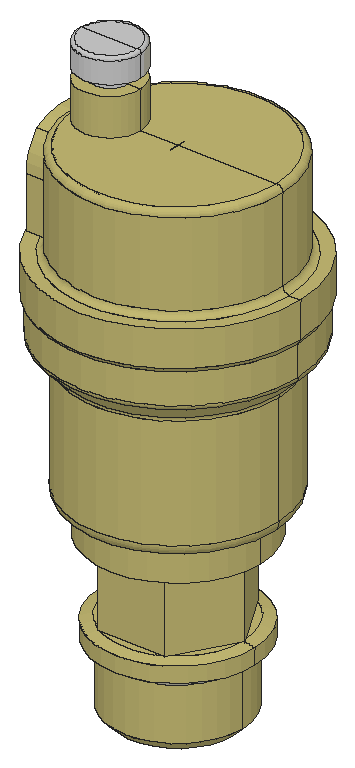
Revit family "РИДАН_Airvent_R_Воздухоотводчик", category Арматура трубопроводов, Revit 2019
Family settings
  Размер круглого соединителя = Использовать диаметр
  Тип детали = Нормальный
  На основе рабочей плоскости = Нет
  Всегда вертикально = Да
  При загрузке вырезать с полостями = Нет
  Общий = Нет
Parameters (values of type "065B8322R С обратным клапаном")
  УГО_Длина = 0 mm
  Обратный клапан = yes
  Контакты_Производитель = "info@ridan.ru"  # constant formula
  a = 18.7 mm
  URL = "https://ridan.ru/"
  ADSK_Наименование = "Автоматический воздухоотводчик Airvent-R с обратным клапаном PN10, Tmax=110C"
  ADSK_Масса_Текст = ""
  ADSK_Масса = 0.21
  ADSK_Марка = "Airvent-R"  # constant formula
  ADSK_Количество = 1  # constant formula
  ADSK_Код изделия = "065B8322R"
  ADSK_Завод-изготовитель = "ООО «Ридан-Трейд»"  # constant formula
  ADSK_Единица измерения = "шт."
  ADSK_Диаметр условный = 15 mm
  ADSK_Версия семейства = "1.0"  # constant formula
  ADSK_Версия Revit = "2019"  # constant formula
Types (3, lengths in mm): name | Обратный клапан | a | ADSK_Наименование
  (no name) | yes | 18.7 | "Автоматический воздухоотводчик Airvent-R с обратным клапаном PN10, Tmax=110C"
  065B8322R С обратным клапаном | yes | 18.7 | "Автоматический воздухоотводчик Airvent-R с обратным клапаном PN10, Tmax=110C"
  065B8323R Без обратного клапана | no | 0 | "Автоматический воздухоотводчик Airvent-R без обратного клапана PN10, Tmax=110C"
Reference planes
  plane 1 "По центру (Вперед/Назад)": y = 0
  plane 2: z = 0
  plane 3 "По центру (Влево/Вправо)": x = 0
  plane 4: z = 18.7
Forms (mm)
  Extrusion 1, solid, material "Белый", detail levels coarse+medium
    sketch origin (-57.966, 0, 0) x (1, 0, 0) y (0, 0, 1)
      loop
        line (49.839, 48.3) -> (49.839, 12.586) -> (66.093, 12.586) -> (66.093, 48.3) -> (49.839, 48.3)
    from -0.5 to 0.5
  Extrusion 2, solid, material "Белый", detail levels coarse+medium
    sketch origin (-57.966, 0, 0) x (1, 0, 0) y (0, 0, 1)
      loop
        line (57.966, 75.476) -> (49.839, 63.807) -> (66.093, 63.807) -> (57.966, 75.476)
    from -0.5 to 0.5
Lines and regions (mm)
  model lines, detail levels coarse+medium
    curve 1: line (0, 0, 12.586) -> (0, 0, 0)
    curve 2: line (0, 0, 48.3) -> (0, 0, 63.807)
Dimensions and locks
  "a": plane 4 to plane 2
  aligned and locked: level to plane 2
  aligned and locked: nested 2 to plane 4
Automatic sketch dimensions
  curve 1 to level = 0 mm
  curve 1 to plane 3 "По центру (Влево/Вправо)" = 0 mm
  curve 2 to curve 1 = 0 mm
  curve 1 to curve 1 = 12.586 mm
  curve 1 to curve 2 = 35.714 mm
  curve 2 to curve 2 = 15.507 mm
  level to Extrusion 1 sketch curve = 12.586 mm
  Extrusion 1 sketch curve to plane 3 "По центру (Влево/Вправо)" = 8.127 mm
  Extrusion 1 sketch curve to Extrusion 1 sketch curve = 16.254 mm
  Extrusion 1 sketch curve to Extrusion 1 sketch curve = 35.714 mm
  Extrusion 2 sketch curve to plane 3 "По центру (Влево/Вправо)" = 8.127 mm
  Extrusion 2 sketch curve to Extrusion 2 sketch curve = 8.127 mm  (x2)
  level to Extrusion 2 sketch curve = 63.807 mm
  Extrusion 2 sketch curve to Extrusion 2 sketch curve = 11.669 mm
Nested families
  nested 1: "Обратный клапан для Airvent-R" at (0, 0, 18.7), visible <- "Обратный клапан", type "Обратный клапан для Airvent-R", detail levels fine
  nested 2: "Воздухоотводчик Airvent-R" at (0, 0, 18.7), type "Воздухоотводчик Airvent-R", detail levels fine
Connectors
  piping at (0, 0, 0), diameter 15, driven by "ADSK_Диаметр условный"
    settings: on plane 2, index 1, connector inside diameter 609.6 mm, connector length 0 mm, flow factor 0, pipe flow 0.0000 m³/h, pressure drop 0.0 Pa, fitting loss kfactor 0, connector angle 0.00°, fixture units 0, engagement length 0 mm, angle of deflection 0.00°, flow configuration 0, flow direction 0, fitting loss method 0, system type 29, joint type 0, gender type 0, connector reference index -1, connector utility 0, adjustable connector no, is connector primary yes, connector description ""
Definition of nested family "Обратный клапан для Airvent-R"
  Reference planes
    plane 1 "По центру (Вперед/Назад)": y = 0
    plane 2: z = 0
    plane 3 "По центру (Влево/Вправо)": x = 0
    plane 4: z = -4.8
    plane 5: z = 7.8
    plane 6: z = -4.326
  Forms (mm)
    Revolve 1, solid
      sketch origin (0, 0, 0) x (1, 0, 0) y (0, 0, 1)
        loop
          line (-10.732, -4.326) -> (-12.5, -4.8) -> (-12.5, -7.3) -> (-10.858, -7.3) -> (-9.101, -7.3) -> (-9.101, -8.613) -> (-10.506, -8.613) -> (-10.506, -17.172) -> (-8.977, -18.7) -> (0, -18.7) -> (0, -4.326) -> (-10.732, -4.326)
        axis (0, -4.326) -> (0, -18.7)
      angle from 0 to 360
    Extrusion 2, solid
      sketch origin (0, 0, 0) x (1, 0, 0) y (0, 1, 0)
        loop
          line (10.858, 0) -> (5.429, 9.403) -> (-5.429, 9.403) -> (-10.858, 0) -> (-5.429, -9.403) -> (5.429, -9.403) -> (10.858, 0)
      from -4.8 to 7.8
    Revolve 3, solid
      sketch origin (0, 0, 0) x (1, 0, 0) y (0, 0, 1)
        loop
          arc (-10.893, -7.3) -> (-10.851, -8.274) -> (-10, -8.75) r 1
          line (-10, -8.75) -> (-6.875, -8.75) -> (-6.875, -7.3) -> (-10.893, -7.3)
        axis (0, -7.3) -> (0, -8.75)
      angle from 0 to 360
  Dimensions and locks
    aligned and locked: level to plane 2
Definition of nested family "Воздухоотводчик Airvent-R"
  Reference planes
    plane 1 "По центру (Вперед/Назад)": y = 0
    plane 2: z = 0
    plane 3 "По центру (Влево/Вправо)": x = 0
    plane 4: x = -11
  Forms (mm)
    Revolve 1, solid
      sketch origin (0, 0, 0) x (1, 0, 0) y (0, 0, 1)
        loop
          arc (17, 62.8) -> (16.707, 63.507) -> (16, 63.8) r 1
          line (16, 63.8) -> (0, 63.8) -> (0, 0) -> (9.301, 0) -> (9.301, 7.3)
          arc (9.301, 7.3) -> (9.448, 7.654) -> (9.801, 7.8) r 0.5
          line (9.801, 7.8) -> (13.5, 7.8) -> (13.5, 12.586) -> (14.3, 12.8)
          arc (14.3, 12.8) -> (15.714, 13.386) -> (16.3, 14.8) r 2
          line (16.3, 14.8) -> (16.3, 32.886)
          arc (16.3, 32.886) -> (16.376, 33.268) -> (16.593, 33.593) r 1
          line (16.593, 33.593) -> (19.207, 36.207)
          arc (19.207, 36.207) -> (19.424, 36.532) -> (19.5, 36.914) r 1
          line (19.5, 36.914) -> (19.5, 41.875) -> (20, 42.589) -> (20, 48.3) -> (18, 48.3)
          arc (18, 48.3) -> (17.293, 48.593) -> (17, 49.3) r 1
          line (17, 49.3) -> (17, 62.8)
        axis (0, 63.8) -> (0, 0)
      angle from 0 to 360
    Extrusion 2, solid
      sketch origin (0, 0, 0) x (0, 1, 0) y (0, 0, 1)
        loop
          arc (7.792, 56.55) -> (7.246, 59.643) -> (5.676, 62.363) r 9.043
          arc (5.676, 62.363) -> (0, 63.807) -> (-5.676, 62.363) r 11.878
          arc (-5.676, 62.363) -> (-7.246, 59.643) -> (-7.792, 56.55) r 9.043
          line (-7.792, 56.55) -> (-7.792, 48.3) -> (7.792, 48.3) -> (7.792, 56.55)
        loop
          line (4.237, 51.323) -> (4.237, 59.154) -> (-4.705, 59.154) -> (-4.705, 51.323) -> (4.237, 51.323)
      from -18.303 to 0
    Extrusion 3, solid
      sketch origin (0, 0, 0) x (0, 1, 0) y (0, 0, 1)
        loop
          circle (0, 55.3) r 6.5
      from -18.783 to 0
    Extrusion 4, void
      sketch origin (0, 0, 0) x (0, 1, 0) y (0, 0, 1)
        loop
          line (-3.464, 55.3) -> (-1.732, 52.3) -> (1.732, 52.3) -> (3.464, 55.3) -> (1.732, 58.3) -> (-1.732, 58.3) -> (-3.464, 55.3)
      from -18.783 to -18.002
    Revolve 5, solid
      sketch origin (0, 0, 0) x (1, 0, 0) y (0, 0, 1)
        loop
          line (-11, 69.8) -> (-11, 63.8) -> (-5.997, 63.8) -> (-5.997, 69.8) -> (-11, 69.8)
        axis (-11, 69.8) -> (-11, 63.8)
      angle from 0 to 360
    Revolve 6, solid
      sketch origin (0, 0, 0) x (1, 0, 0) y (0, 0, 1)
        loop
          line (-11, 75.45) -> (-11, 69.8) -> (-8.111, 69.8) -> (-8.111, 71.45) -> (-6.005, 71.45) -> (-6.005, 74.931)
          arc (-6.005, 74.931) -> (-6.157, 75.298) -> (-6.524, 75.45) r 0.519
          line (-6.524, 75.45) -> (-11, 75.45)
        axis (-11, 75.45) -> (-11, 69.8)
      angle from 0 to 360
  Cuts and joins
    Extrusion 4 cuts Revolve 1
    Extrusion 4 cuts Extrusion 3
  Dimensions and locks
    aligned and locked: level to plane 2
